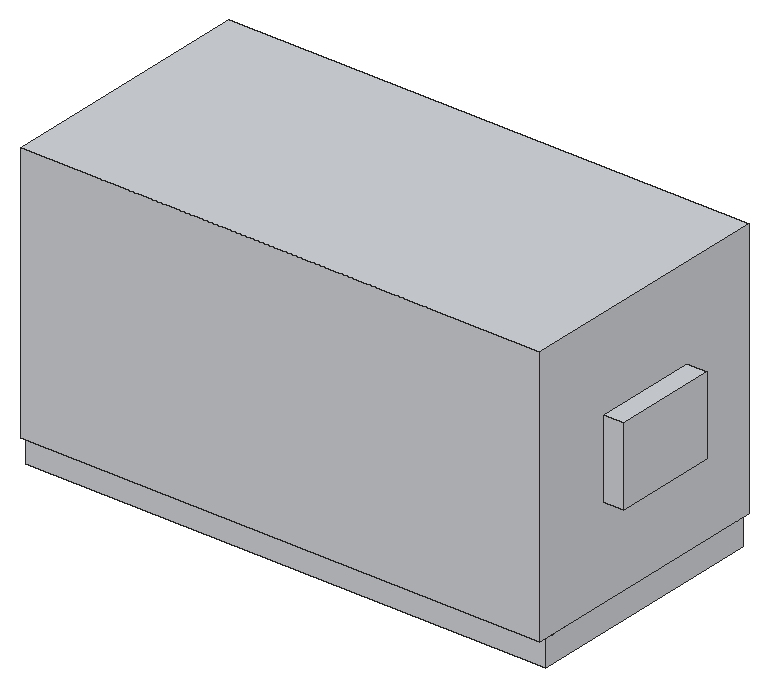
Revit family "XXX_RLT-Gerät_Zentralgerät allgemein", category HLS-Bauteile, Revit 2014
Parameters (values of type "Allgemein")
  y2 = 500 mm
  y1 = 500 mm
  x2 = 500 mm
  x1 = 500 mm
  l2 = 80 mm
  l1 = 50 mm
  h1 [instance] = if(RLT_Gerät_Sockelhöhe = 0 mm, 1 mm, RLT_Gerät_Sockelhöhe)  # 100 mm
  b2 = 400 mm
  b1 = 500 mm
  a2 = 300 mm
  a1 = 400 mm
  RLT_Gerät_Sockelhöhe = 100 mm
  RLT_Gerät_Länge = 2000 mm
  RLT_Gerät_Höhe = 1000 mm
  RLT_Gerät_Breite = 1000 mm
  Halbe Höhe [instance] = RLT_Gerät_Höhe / 2  # 500 mm
  Volumenstrom [instance] = 0.0 L/s
  Ventilatorpressung [instance] = 0.0 Pa
Reference planes
  plane 1 "Mitte (Vorne/Hinten)": y = 0
  plane 2: z = 0
  plane 3 "Mitte (Links/Rechts)": x = 0
  plane 4: z = 100
  plane 5: y = -1000
  plane 6: y = -500
  plane 7: z = 1100
  plane 8: z = 600
  plane 9: y = -25
  plane 10: y = -975
  plane 11: x = 2000
  plane 12: x = -50
  plane 13: y = -500
  plane 14: z = 600
  plane 15: x = 2080
  plane 16: z = 600
Forms (mm)
  Extrusion 1, solid, detail levels medium+fine
    sketch origin (0, 0, 0) x (0, 1, 0) y (0, 0, 1)
      loop
        line (-25, 100) -> (-975, 100) -> (-975, 0) -> (-25, 0) -> (-25, 100)
    from 0 to 2000
  Extrusion 2, solid, detail levels medium+fine
    sketch origin (0, 0, 0) x (0, 1, 0) y (0, 0, 1)
      loop
        line (0, 1100) -> (-1000, 1100) -> (-1000, 100) -> (0, 100) -> (0, 1100)
    from 0 to 2000
  Extrusion 3, solid, detail levels medium+fine
    sketch origin (0, 0, 0) x (0, 1, 0) y (0, 0, 1)
      loop
        line (-250, 800) -> (-750, 800) -> (-750, 400) -> (-250, 400) -> (-250, 800)
    from 0 to -50
  Extrusion 4, solid, detail levels medium+fine
    sketch origin (2000, -1524, 2214.315) x (0, 0, 1) y (0, -1, 0)
      loop
        line (-1464.315, -1224) -> (-1464.315, -824) -> (-1764.315, -824) -> (-1764.315, -1224) -> (-1464.315, -1224)
    from 0 to 80
Lines and regions (mm)
  model lines, detail levels coarse
    curve 1: line (0, 0, 600) -> (2000, 0, 600)
    curve 2: line (0, -1000, 600) -> (0, 0, 600)
    curve 3: line (2000, -1000, 600) -> (0, -1000, 600)
    curve 4: line (2000, 0, 600) -> (2000, -1000, 600)
    curve 5: line (-50, -500, 600) -> (0, -500, 600)
    curve 6: line (2000, -500, 600) -> (2080, -500, 600)
  model lines, style "Symbol", detail levels coarse
    curve 7: line (0, -500, 1100) -> (2000, -500, 1100)
    curve 8: line (0, -500, 100) -> (0, -500, 1100)
    curve 9: line (2000, -500, 100) -> (0, -500, 100)
    curve 10: line (2000, -500, 1100) -> (2000, -500, 100)
    curve 11: line (0, -500, 100) -> (2000, -500, 100)
    curve 12: line (0, -500, 600) -> (0, -500, 100)
    curve 13: line (2000, -500, 100) -> (2000, -500, 600)
    curve 14: line (0, 0, 1100) -> (0, -1000, 1100)
    curve 15: line (0, 0, 100) -> (0, 0, 1100)
    curve 16: line (0, -1000, 100) -> (0, 0, 100)
    curve 17: line (0, -1000, 1100) -> (0, -1000, 100)
    curve 18: line (0, -25, 100) -> (0, -975, 100)
    curve 19: line (0, -25, 0) -> (0, -25, 100)
    curve 20: line (0, -975, 0) -> (0, -25, 0)
    curve 21: line (0, -975, 100) -> (0, -975, 0)
    curve 22: line (0, -500, 100) -> (2000, -500, 100)
    curve 23: line (0, -500, 0) -> (0, -500, 100)
    curve 24: line (2000, -500, 0) -> (0, -500, 0)
    curve 25: line (2000, -500, 100) -> (2000, -500, 0)
Dimensions and locks
  "x1": plane 1 "Mitte (Vorne/Hinten)" to plane 6
  "y1": plane 8 to plane 4
  "RLT_Gerät_Höhe": plane 7 to plane 4
  "RLT_Gerät_Breite": plane 1 "Mitte (Vorne/Hinten)" to plane 5
  locked: plane 1 "Mitte (Vorne/Hinten)" to plane 9 at 25
  locked: plane 10 to plane 5 at 25
  "RLT_Gerät_Länge": plane 11 to plane 3 "Mitte (Links/Rechts)"
  equal spacing: Extrusion 3 sketch curve, plane 6, Extrusion 3 sketch curve
  "b1": Extrusion 3 sketch curve to Extrusion 3 sketch curve
  equal spacing: Extrusion 3 sketch curve, plane 8, Extrusion 3 sketch curve
  "a1": Extrusion 3 sketch curve to Extrusion 3 sketch curve
  "l1": plane 3 "Mitte (Links/Rechts)" to plane 12
  "x2": plane 1 "Mitte (Vorne/Hinten)" to plane 13
  "y2": plane 14 to plane 4
  equal spacing: Extrusion 4 sketch curve, plane 13, Extrusion 4 sketch curve
  "b2": Extrusion 4 sketch curve to Extrusion 4 sketch curve
  equal spacing: Extrusion 4 sketch curve, plane 14, Extrusion 4 sketch curve
  "a2": Extrusion 4 sketch curve to Extrusion 4 sketch curve
  "h1": plane 4 to plane 2
  "l2": plane 15 to plane 11
  "Halbe Höhe": plane 7 to plane 16
  aligned and locked: level to plane 2
  aligned and locked: plane 4 to Extrusion 1 sketch curve
  aligned and locked: Extrusion 1 sketch curve to plane 9
  aligned and locked: Extrusion 1 sketch curve to level
  aligned and locked: plane 10 to Extrusion 1 sketch curve
  aligned and locked: plane 11 to Extrusion 1
  aligned and locked: Extrusion 1 to plane 3 "Mitte (Links/Rechts)"
  aligned and locked: plane 7 to Extrusion 2 sketch curve
  aligned and locked: Extrusion 2 sketch curve to plane 1 "Mitte (Vorne/Hinten)"
  aligned and locked: Extrusion 2 sketch curve to plane 4
  aligned and locked: plane 5 to Extrusion 2 sketch curve
  aligned and locked: Extrusion 1 to Extrusion 2
  aligned and locked: Extrusion 2 to plane 3 "Mitte (Links/Rechts)"
  aligned and locked: Extrusion 3 to plane 12
  aligned and locked: plane 3 "Mitte (Links/Rechts)" to Extrusion 3
  aligned and locked: plane 15 to Extrusion 4
  aligned and locked: Extrusion 4 to Extrusion 1
  aligned and locked: curve 1 to Extrusion 2
  aligned and locked: curve 2 to Extrusion 2
  aligned and locked: curve 3 to Extrusion 2
  aligned and locked: curve 4 to Extrusion 2
  aligned and locked: Extrusion 2 to curve 5
  aligned and locked: Extrusion 3 to curve 5
  aligned and locked: plane 13 to curve 6
  aligned and locked: Extrusion 2 to curve 6
  aligned and locked: Extrusion 4 to curve 6
  aligned and locked: curve 7 to Extrusion 2
  aligned and locked: curve 8 to Extrusion 2
  aligned and locked: curve 9 to Extrusion 1
  aligned and locked: curve 10 to Extrusion 2
  aligned and locked: curve 8 to curve 12
  aligned and locked: curve 14 to Extrusion 2
  aligned and locked: curve 15 to Extrusion 2
  aligned and locked: curve 16 to Extrusion 2
  aligned and locked: curve 17 to Extrusion 2
  aligned and locked: curve 18 to curve 16
  aligned and locked: curve 19 to Extrusion 1
  aligned and locked: curve 20 to Extrusion 1
  aligned and locked: curve 21 to Extrusion 1
  aligned and locked: curve 22 to curve 9
  aligned and locked: curve 23 to curve 8
  aligned and locked: curve 24 to Extrusion 1
  aligned and locked: curve 25 to Extrusion 1
Automatic sketch dimensions
  plane 6 to curve 5 = 0 mm
  curve 12 to plane 8 = 0 mm
  curve 13 to plane 8 = 0 mm
Connectors
  hvac at (-50, -500, 600), driven by "b1", driven by "a1"
    settings: on Extrusion 3, index 1, duct flow 0.0 L/s, flow factor 0, pres drop 0.0 Pa, loss coef 0, conn angle 0.00°, conn width 500 mm, conn height 400 mm, conn diameter 609.6 mm, duct sys type 2, conn prof type 1, flow config 0, flow direction 1, loss method 0, conn ref index 2, conn util no, is conn primary yes, conn desc ""
  hvac at (2080, -500, 600), driven by "b2", driven by "a2", driven by "Ventilatorpressung", driven by "Volumenstrom"
    settings: on Extrusion 4, index 2, duct flow 0.0 L/s, flow factor 0, pres drop 0.0 Pa, loss coef 0, conn angle 0.00°, conn width 400 mm, conn height 300 mm, conn diameter 609.6 mm, duct sys type 1, conn prof type 1, flow config 0, flow direction 2, loss method 4, conn ref index 1, conn util no, is conn primary no, conn desc ""
